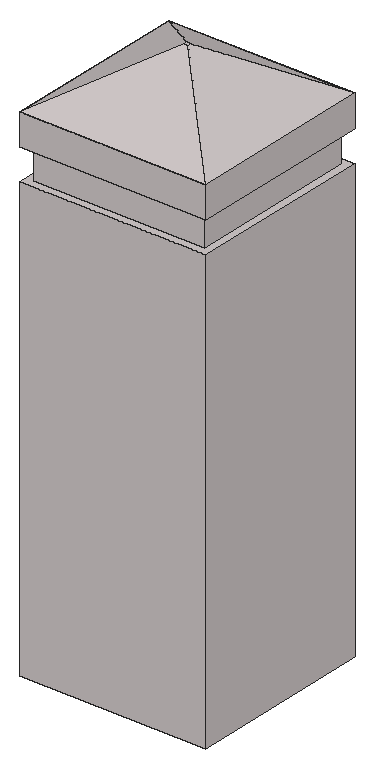
Revit family
Parameters (values of type "300 x 300mm")
  재료 = 콘크리트 - 프리캐스트 콘크리트
Reference planes
  plane 1 "중심(앞/뒤)": y = 2.4
  plane 2: z = 0
  plane 3 "중심(왼쪽/오른쪽)": x = 2.4
  plane 4: x = 152.4
  plane 5: y = -147.6
  plane 6: y = 152.4
  plane 7: x = -147.6
  plane 8: z = 900
  plane 9: z = 815.181
  plane 10: z = 764.381
  plane 11: z = 713.581
Forms (mm)
  Extrusion 1, solid, material "콘크리트 - 프리캐스트 콘크리트" <- "재료"
    sketch origin (0, 0, 0) x (1, 0, 0) y (0, 1, 0)
      loop
        line (-147.6, 152.4) -> (-147.6, -147.6) -> (152.4, -147.6) -> (152.4, 152.4) -> (-147.6, 152.4)
    from 0 to 713.581
  Extrusion 2, solid, material "콘크리트 - 프리캐스트 콘크리트" <- "재료"
    sketch origin (0, 0, 0) x (1, 0, 0) y (0, 1, 0)
      loop
        line (-134.9, 139.7) -> (-134.9, -134.9) -> (139.7, -134.9) -> (139.7, 139.7) -> (-134.9, 139.7)
    from 713.581 to 764.381
  Extrusion 3, solid, material "콘크리트 - 프리캐스트 콘크리트" <- "재료"
    sketch origin (0, 0, 0) x (1, 0, 0) y (0, 1, 0)
      loop
        line (-147.6, 152.4) -> (-147.6, -147.6) -> (152.4, -147.6) -> (152.4, 152.4) -> (-147.6, 152.4)
    from 764.381 to 815.181
  Blend 4, solid, material "콘크리트 - 프리캐스트 콘크리트" <- "재료"
    base sketch origin (0, 0, 0) x (1, 0, 0) y (0, 1, 0)
      loop
        line (-147.6, 152.4) -> (-147.6, -147.6) -> (152.4, -147.6) -> (152.4, 152.4) -> (-147.6, 152.4)
    top sketch origin (0, 0, 0) x (1, 0, 0) y (0, 1, 0)
      loop
        line (-0.775, 5.575) -> (-0.775, -0.775) -> (5.575, -0.775) -> (5.575, 5.575) -> (-0.775, 5.575)
    from 815.181 to 900
Lines and regions (mm)
  symbolic lines, style "대지 액세서리"
    curve 1: line (-147.6, 152.4, 0) -> (152.4, 152.4, 0)
    curve 2: line (-147.6, -147.6, 0) -> (-147.6, 152.4, 0)
    curve 3: line (152.4, -147.6, 0) -> (-147.6, -147.6, 0)
    curve 4: line (152.4, 152.4, 0) -> (152.4, -147.6, 0)
    curve 5: line (152.4, 152.4, 0) -> (-147.6, -147.6, 0)
    curve 6: line (-147.6, 152.4, 0) -> (152.4, -147.6, 0)
Dimensions and locks
  plane 7 to plane 4 = 300 mm
  plane 5 to plane 6 = 300 mm
  equal spacing: plane 7, plane 3 "중심(왼쪽/오른쪽)", plane 4
  equal spacing: plane 5, plane 1 "중심(앞/뒤)", plane 6
  locked: Extrusion 2 sketch curve to plane 5 at 12.7
  locked: Extrusion 2 sketch curve to plane 4 at 12.7
  Extrusion 2 sketch curve to plane 6 = 12.7 mm
  locked: plane 7 to Extrusion 2 sketch curve at 12.7
  plane 8 to plane 2 = 900 mm
  plane 9 to plane 10 = 50.8 mm
  locked: plane 10 to plane 11 at 50.8
  plane 8 to plane 9 = 84.819 mm
  aligned and locked: Extrusion 1 to plane 11
  aligned and locked: Extrusion 2 to plane 10
  aligned and locked: plane 11 to Extrusion 2
  aligned and locked: Extrusion 3 to plane 9
  aligned and locked: plane 10 to Extrusion 3
  aligned and locked: Blend 4 to plane 8
  aligned and locked: plane 9 to Blend 4
